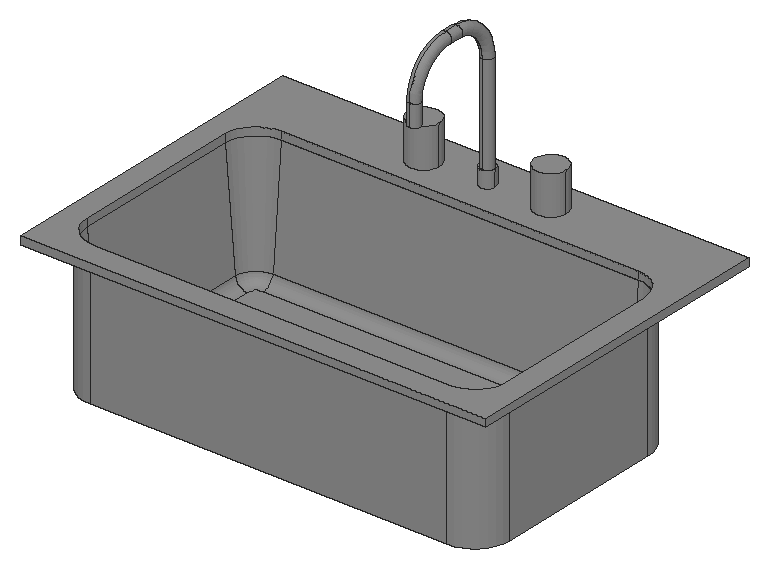
Revit family "Sink Kitchen-Single (NZ)", category 위생기구, Revit 2026
Family settings
  원형 커넥터 치수 = 지름 사용
  부품 유형 = 보통
  작업 기준면 기반 = 아니오
  뷰에서 절단 사용 = 아니오
  항상 수직 = 예
  로드될 때 보이드를 사용하여 절단 = 아니오
  주석 방향 유지 = 아니오
  공유 = 예
  룸 계산 점 = 아니오
Parameters (values of type "760 x 535mm")
  기본 높이 = 0.00 mm
  Counter Height = 900.00 mm
  Depth = 535.00 mm
  Fixture Material = Metal - Steel, Polished
  Sink Material = Metal - Steel, Polished
  Width = 760.00 mm
Reference planes
  plane 1 "Center (Front/Back)": y = 2.345
  plane 2: z = 0
  plane 3 "Center (Left/Right)": x = 15.689
  plane 4: y = 269.845
  plane 5: y = -265.155
  plane 6: x = -364.311
  plane 7: x = 395.689
  plane 8 "Top Of Counter": z = 900
  plane 9: z = 912.7
  plane 10: z = 684.1
  plane 11: y = 155.545
  plane 12: x = -326.211
  plane 13: y = -227.055
  plane 14: x = 357.589
  plane 15: x = -85.911
  plane 16: x = 117.289
  plane 17: y = 212.695
  plane 18: y = 212.695
  plane 19: y = 212.695
  plane 20: z = 1163.525
  plane 21: y = 63.47
  plane 22: z = 976.2
  plane 23: z = 938.1
Forms (mm)
  Extrusion 1, solid, material "Metal - Steel, Polished" <- "Sink Material"
    sketch origin (0, 0, 0) x (1, 0, 0) y (0, 1, 0)
      loop
        line (-364.311, 269.845) -> (-364.311, -265.155) -> (395.689, -265.155) -> (395.689, 269.845) -> (-364.311, 269.845)
      loop
        arc (-275.411, 155.545) -> (-311.332, 140.666) -> (-326.211, 104.745) r 50.8
        line (-326.211, 104.745) -> (-326.211, -176.255)
        arc (-326.211, -176.255) -> (-311.332, -212.176) -> (-275.411, -227.055) r 50.8
        line (-275.411, -227.055) -> (306.789, -227.055)
        arc (306.789, -227.055) -> (342.71, -212.176) -> (357.589, -176.255) r 50.8
        line (357.589, -176.255) -> (357.589, 104.745)
        arc (357.589, 104.745) -> (342.71, 140.666) -> (306.789, 155.545) r 50.8
        line (306.789, 155.545) -> (-275.411, 155.545)
    from 900 to 912.7
  Sweep 2, solid, material "Metal - Steel, Polished" <- "Sink Material"
    path origin (0, 0, 0) x (1, 0, 0) y (0, 1, 0)
      loop
        arc (-275.411, 155.545) -> (-311.332, 140.666) -> (-326.211, 104.745) r 50.8
        line (-326.211, 104.745) -> (-326.211, -176.255)
        arc (-326.211, -176.255) -> (-311.332, -212.176) -> (-275.411, -227.055) r 50.8
        line (-275.411, -227.055) -> (306.789, -227.055)
        arc (306.789, -227.055) -> (342.71, -212.176) -> (357.589, -176.255) r 50.8
        line (357.589, -176.255) -> (357.589, 104.745)
        arc (357.589, 104.745) -> (342.71, 140.666) -> (306.789, 155.545) r 50.8
        line (306.789, 155.545) -> (-275.411, 155.545)
    profile origin (15.689, 0, 0) x (0, 1, 0) y (0, 0, 1)
      loop
        line (155.545, 900) -> (139.011, 711.015)
        arc (139.011, 711.015) -> (132.904, 698.63) -> (120.034, 693.625) r 19.05
        line (120.034, 693.625) -> (117.445, 693.625) -> (117.445, 684.1) -> (161.895, 684.1) -> (161.895, 900) -> (155.545, 900)
  Extrusion 3, solid, material "Metal - Steel, Polished" <- "Sink Material"
    sketch origin (0, 0, 0) x (1, 0, 0) y (0, 1, 0)
      loop
        arc (-275.411, 117.445) -> (-284.391, 113.726) -> (-288.111, 104.745) r 12.7
        line (-288.111, 104.745) -> (-288.111, -176.255)
        arc (-288.111, -176.255) -> (-284.391, -185.235) -> (-275.411, -188.955) r 12.7
        line (-275.411, -188.955) -> (306.789, -188.955)
        arc (306.789, -188.955) -> (315.769, -185.235) -> (319.489, -176.255) r 12.7
        line (319.489, -176.255) -> (319.489, 104.745)
        arc (319.489, 104.745) -> (315.769, 113.726) -> (306.789, 117.445) r 12.7
        line (306.789, 117.445) -> (-275.411, 117.445)
      loop
        circle (15.689, 0) r 25.4
    from 684.1 to 693.625
  Extrusion 4, solid, material "Metal - Steel, Polished" <- "Fixture Material"
    sketch origin (0, 0, 0) x (1, 0, 0) y (0, 1, 0)
      loop
        circle (-85.911, 209.617) r 25.4
      loop
        circle (117.289, 214.813) r 25.4
    from 912.7 to 976.2
  Sweep 5, solid, material "Metal - Steel, Polished" <- "Fixture Material"
    path origin (15.689, 0, 0) x (0, 1, 0) y (0, 0, 1)
      loop
        line (212.695, 912.7) -> (212.695, 1100.025)
        arc (212.695, 1100.025) -> (194.097, 1144.926) -> (149.195, 1163.525) r 63.5
        line (149.195, 1163.525) -> (126.97, 1163.525)
        arc (126.97, 1163.525) -> (82.069, 1144.926) -> (63.47, 1100.025) r 63.5
        line (63.47, 1100.025) -> (63.47, 1065.1)
    profile origin (15.689, 0, 1006.363) x (0, -1, 0) y (1, 0, 0)
      loop
        circle (-212.695, 0) r 9.525
  Extrusion 6, solid, material "Metal - Steel, Polished" <- "Fixture Material"
    sketch origin (0, 0, 0) x (1, 0, 0) y (0, 1, 0)
      loop
        circle (15.689, 212.695) r 12.7
    from 912.7 to 938.1
Cuts and joins
  joined: Sweep 5, Extrusion 6
  joined: Sweep 2, Extrusion 3
Lines and regions (mm)
  symbolic lines
    curve 1: line (395.689, 269.845, 0) -> (-364.311, 269.845, 0)
    curve 2: line (395.689, -265.155, 0) -> (395.689, 269.845, 0)
    curve 3: line (-364.311, -265.155, 0) -> (395.689, -265.155, 0)
    curve 4: line (-364.311, 269.845, 0) -> (-364.311, -265.155, 0)
    curve 5: arc (41.089, 0, 0) -> (15.689, 25.4, 0) -> (-9.711, 0, 0) r 25.4
    curve 6: arc (-9.711, 0, 0) -> (15.689, -25.4, 0) -> (41.089, 0, 0) r 25.4
    curve 7: line (-326.211, 104.745, 0) -> (-326.211, -176.255, 0)
    curve 8: line (-275.411, -227.055, 0) -> (306.789, -227.055, 0)
    curve 9: line (357.589, -176.255, 0) -> (357.589, 104.745, 0)
    curve 10: line (306.789, 155.545, 0) -> (28.389, 155.545, 0)
    curve 11: arc (357.589, 104.745, 0) -> (342.71, 140.666, 0) -> (306.789, 155.545, 0) r 50.8
    curve 12: arc (306.789, -227.055, 0) -> (342.71, -212.176, 0) -> (357.589, -176.255, 0) r 50.8
    curve 13: arc (-326.211, -176.255, 0) -> (-311.332, -212.176, 0) -> (-275.411, -227.055, 0) r 50.8
    curve 14: arc (-275.411, 155.545, 0) -> (-311.332, 140.666, 0) -> (-326.211, 104.745, 0) r 50.8
    curve 15: arc (-60.511, 209.617, 0) -> (-85.911, 235.017, 0) -> (-111.311, 209.617, 0) r 25.4
    curve 16: arc (142.689, 214.813, 0) -> (117.289, 240.213, 0) -> (91.889, 214.813, 0) r 25.4
    curve 17: arc (-111.311, 209.617, 0) -> (-85.911, 184.217, 0) -> (-60.511, 209.617, 0) r 25.4
    curve 18: arc (91.889, 214.813, 0) -> (117.289, 189.413, 0) -> (142.689, 214.813, 0) r 25.4
    curve 19: arc (28.389, 212.695, 0) -> (15.689, 225.395, 0) -> (2.989, 212.695, 0) r 12.7
    curve 20: line (2.989, 212.695, 0) -> (2.989, 53.145, 0)
    curve 21: line (28.389, 212.695, 0) -> (28.389, 53.145, 0)
    curve 22: arc (28.389, 53.145, 0) -> (15.689, 40.445, 0) -> (2.989, 53.145, 0) r 12.7
    curve 23: line (2.989, 155.545, 0) -> (-275.411, 155.545, 0)
Dimensions and locks
  equal spacing: plane 6, plane 3 "Center (Left/Right)", plane 7
  "Width": plane 6 to plane 7
  equal spacing: plane 5, plane 1 "Center (Front/Back)", plane 4
  "Depth": plane 5 to plane 4
  "Counter Height": plane 8 "Top Of Counter" to plane 2
  locked: plane 9 to plane 8 "Top Of Counter" at 12.7
  locked: plane 8 "Top Of Counter" to plane 10 at 215.9
  locked: plane 6 to plane 12 at 38.1
  locked: plane 14 to plane 7 at 38.1
  locked: plane 11 to plane 4 at 114.3
  locked: plane 5 to plane 13 at 38.1
  equal spacing: plane 11, plane 17, plane 4
  equal spacing: plane 11, plane 18, plane 4
  equal spacing: plane 4, plane 19, plane 11
  locked: plane 19 to plane 21 at 149.225
  locked: plane 20 to plane 9 at 250.825
  locked: plane 22 to plane 9 at 63.5
  locked: plane 23 to plane 9 at 25.4
  aligned and locked: Extrusion 1 sketch curve to plane 5
  aligned and locked: plane 7 to Extrusion 1 sketch curve
  aligned and locked: plane 4 to Extrusion 1 sketch curve
  aligned and locked: Extrusion 1 sketch curve to plane 6
  aligned and locked: plane 8 "Top Of Counter" to Extrusion 1
  aligned and locked: Extrusion 1 to plane 9
  aligned and locked: plane 11 to Extrusion 1 sketch curve
  aligned and locked: plane 14 to Extrusion 1 sketch curve
  aligned and locked: Extrusion 1 sketch curve to plane 12
  aligned and locked: Extrusion 1 sketch curve to plane 13
  aligned and locked: plane 11 to Sweep 2 sketch curve
  aligned and locked: plane 14 to Sweep 2 sketch curve
  aligned and locked: Sweep 2 sketch curve to plane 12
  aligned and locked: Sweep 2 sketch curve to plane 13
  aligned and locked: Sweep 2 to Extrusion 3 sketch curve  (x4)
  aligned and locked: Sweep 2 to Extrusion 3
  aligned and locked: plane 10 to Extrusion 3
  aligned and locked: Sweep 2 sketch curve to plane 10
  aligned and locked: plane 8 "Top Of Counter" to Sweep 2 sketch curve
  aligned and locked: Extrusion 4 to Extrusion 1
  aligned and locked: Extrusion 6 to Extrusion 1
  aligned and locked: Sweep 5 sketch curve to plane 19
  aligned and locked: plane 20 to Sweep 5 sketch curve
  aligned and locked: plane 21 to Sweep 5 sketch curve
  aligned and locked: Extrusion 4 to plane 22
  aligned and locked: Extrusion 6 to plane 23
Automatic sketch dimensions
  Sweep 2 sketch curve to plane 12 = 50.80 mm
  Sweep 2 sketch curve to Sweep 2 sketch curve = 50.80 mm
  plane 11 to Sweep 2 sketch curve = 50.80 mm
  plane 14 to Sweep 2 sketch curve = 50.80 mm
  Extrusion 1 sketch curve to plane 12 = 50.80 mm  (x2)
  plane 14 to Extrusion 1 sketch curve = 50.80 mm  (x2)
  Extrusion 3 sketch curve to plane 3 "Center (Left/Right)" = 0.00 mm
  Extrusion 3 sketch curve to Extrusion 3 sketch curve = 12.70 mm  (x4)
  plane 1 "Center (Front/Back)" to Extrusion 3 sketch curve = 2.345 mm
  Extrusion 3 sketch curve to plane 3 "Center (Left/Right)" = 25.40 mm
  Sweep 2 sketch curve to profile plane = 0.00 mm
  profile plane to Sweep 2 sketch curve = 16.534 mm
  Sweep 2 sketch curve to Sweep 2 sketch curve = 18.978 mm
  Sweep 2 sketch curve to Sweep 2 sketch curve = 2.588 mm
  Sweep 2 sketch curve to profile plane = 6.35 mm
  Sweep 2 sketch curve to Sweep 2 sketch curve = 9.525 mm
  Sweep 2 sketch curve to Sweep 2 sketch curve = 17.39 mm
  Extrusion 4 sketch curve to plane 15 = 0.00 mm
  Extrusion 4 sketch curve to plane 16 = 0.00 mm
  plane 17 to Extrusion 4 sketch curve = 3.079 mm
  plane 15 to Extrusion 4 sketch curve = 25.40 mm
  Extrusion 4 sketch curve to plane 17 = 2.118 mm
  plane 16 to Extrusion 4 sketch curve = 25.40 mm
  Sweep 5 sketch curve to plane 3 "Center (Left/Right)" = 0.00 mm
  Sweep 5 sketch curve to profile plane = 0.00 mm
  profile plane to Sweep 5 sketch curve = 9.525 mm
  Extrusion 6 sketch curve to plane 18 = 0.00 mm
  Extrusion 6 sketch curve to plane 3 "Center (Left/Right)" = 0.00 mm
  Extrusion 6 sketch curve to plane 3 "Center (Left/Right)" = 12.70 mm
  Sweep 5 sketch curve to plane 9 = 0.00 mm
  Sweep 5 sketch curve to Sweep 5 sketch curve = 63.50 mm
  plane 11 to Sweep 5 sketch curve = 6.35 mm
  Sweep 5 sketch curve to Sweep 5 sketch curve = 34.925 mm
  curve 1 to plane 4 = 0.00 mm
  curve 1 to plane 6 = 0.00 mm
  curve 7 to plane 12 = 0.00 mm
  curve 14 to plane 11 = 0.00 mm
  curve 8 to plane 13 = 0.00 mm
  curve 5 to plane 3 "Center (Left/Right)" = 0.00 mm
  curve 19 to plane 3 "Center (Left/Right)" = 0.00 mm
  curve 12 to plane 14 = 0.00 mm
  curve 1 to plane 7 = 0.00 mm
  curve 3 to plane 5 = 0.00 mm
  curve 7 to curve 13 = 50.80 mm
  curve 14 to plane 12 = 50.80 mm
  curve 15 to plane 3 "Center (Left/Right)" = 127.00 mm
  curve 15 to curve 17 = 25.40 mm
  plane 1 "Center (Front/Back)" to curve 5 = 2.345 mm
  curve 5 to plane 3 "Center (Left/Right)" = 25.40 mm
  curve 19 to curve 19 = 12.70 mm
  curve 19 to curve 18 = 63.50 mm
  curve 16 to curve 16 = 25.40 mm
  plane 14 to curve 12 = 50.80 mm
  plane 14 to curve 10 = 50.80 mm
  curve 22 to plane 1 "Center (Front/Back)" = 50.80 mm
  plane 4 to curve 17 = 60.229 mm
  plane 4 to curve 21 = 57.15 mm
  plane 4 to curve 16 = 55.032 mm
  curve 10 to plane 11 = 0.00 mm
